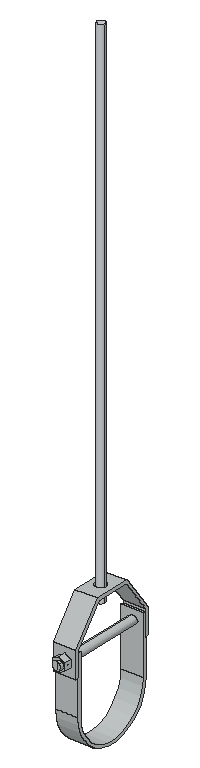
Revit family "7005E Std Duty Clevis Hanger", category Pipe Accessories, Revit 2020
Family settings
  Round Connector Dimension = Use Diameter
  Part Type = Normal
  OmniClass Number = 23.60.30.11.17
  OmniClass Title = Pipework/Ductwork Mechanical Fasteners/Supports
  Work Plane-Based = No
  Always vertical = Yes
  Cut with Voids When Loaded = No
  Shared = No
Parameters
  smallersize [instance] = Nominal Diameter < 1.350"  # no
  nut1_dia [instance] = size_lookup("nut_hex_US", "nut_dia", 1.500", D3)  # 0.5625"
  bolt rad [instance] = if(Nominal Diameter > 18.000", 0.500", nut1_dia / 3)  # 0.1875"
  Weight [instance] = size_lookup(LookupTable, "Weight", "NA", Nominal Diameter)  # "0.71 lbs."
  Product ID [instance] = size_lookup(LookupTable, "ProductID", "NA", Nominal Diameter)  # "3859970"
  Part Number [instance] = size_lookup(LookupTable, "PartNumber", "NA", Nominal Diameter)  # "FNW7005EP0300"
  LookupTable [instance] = "7005E Std Duty Clevis Hanger"  # constant formula
  fillet [instance] = D3 + Y2  # 0.500"
  Z1 [instance] = size_lookup(LookupTable, "Z1", 0.000", Nominal Diameter)  # 1.5625"
  Z4 [instance] = size_lookup(LookupTable, "Z4", 0.000", Nominal Diameter)  # 4.14286"
  Z3 [instance] = size_lookup(LookupTable, "Z3", 0.000", Nominal Diameter)  # 2.6875"
  Z2 [instance] = size_lookup(LookupTable, "Z2", 0.000", Nominal Diameter)  # 2.125"
  Z5 [instance] = size_lookup(LookupTable, "Z5", 0.000", Nominal Diameter)  # 2.5625"
  Y1 [instance] = size_lookup(LookupTable, "Y1", 0.000", Nominal Diameter)  # 1.3646"
  Y2 [instance] = size_lookup(LookupTable, "Y2", 0.000", Nominal Diameter)  # 0.125"
  nut1_height [instance] = size_lookup("nut_hex_US", "nut_height", 1.000", D3)  # 0.32813"
  W1 [instance] = size_lookup(LookupTable, "W1", 0.000", Nominal Diameter)  # 1.000"
  URL = "http://fnw.com"
  Nominal Diameter [instance] = 3.000"
  Manufacturer = "FNW"  # constant formula
  HPH_Anchor Elevation [instance] = 22.96493"
  Description BOM [instance] = size_lookup(LookupTable, "Description_BOM", "NA", Nominal Diameter)  # "3 7005E Std Duty Clevis Hanger"
  Default Elevation = 0.000"
  D3 [instance] = size_lookup(LookupTable, "D3", 0.000", Nominal Diameter)  # 0.375"
  D2 [instance] = size_lookup(LookupTable, "D2", 0.000", Nominal Diameter)  # 0.500"
  D1 [instance] = size_lookup(LookupTable, "D1", 0.000", Nominal Diameter)  # 3.500"
  bolt_length [instance] = D1 + (Y2 * 4) + nut1_height + 0.125"  # 4.45313"
  biggersize [instance] = Nominal Diameter > 1.350"  # yes
  120 = 120.00°
Reference planes (in)
  plane 1 "Center (Front/Back)": y = 0
  plane 2: z = 0
  plane 3 "Center (Left/Right)": x = 0
  plane 4: z = 2.125
  plane 5: z = 4.14286
  plane 6: z = 2.6875
  plane 7: z = 1.5625
  plane 8: y = 0.6823
  plane 9: y = -0.6823
  plane 10: y = -1.75
  plane 11: y = 1.75
  plane 12: y = -1.875
  plane 13: y = 1.875
  plane 14: y = 2
  plane 15: y = -2
  plane 16: y = -2.32813
  plane 17: y = 2.32812
  plane 18: z = 1.8
  plane 19: x = -0.5
  plane 20: x = 0.5
  plane 21: y = -2.45313
  plane 22: z = 4.26786
  plane 23 "Level Above": z = 26.57869
Forms (in)
  Sweep 1, solid, material "Steel, Galvanized"
    path origin (0, 0, 0) x (0, 1, 0) y (0, 0, 1)
      loop
        line (1.75, 2.5625) -> (1.75, 0)
        arc (1.75, 0) -> (0, -1.75) -> (-1.75, 0) r 1.75
        line (-1.75, 0) -> (-1.75, 2.5625)
    profile origin (0, 1.75, 1.28125) x (1, 0, 0) y (0, 1, 0)
      loop
        line (-0.5, 0.125) -> (-0.5, 0) -> (0.5, 0) -> (0.5, 0.125) -> (-0.5, 0.125)
  Extrusion 2, void
    sketch origin (0, 0, 0) x (1, 0, 0) y (0, 1, 0)
      loop
        circle (0, 0) r 0.25
    from 4.14286 to 4.26786
  Extrusion 3, solid, material "Steel, Galvanized", visible <- "smallersize"
    sketch origin (0, 0, 0) x (0, 1, 0) y (0, 0, 1)
      loop
        line (-1.875, 1.5625) -> (-1.875, 3.76786)
        arc (-1.875, 3.76786) -> (-1.76517, 4.03303) -> (-1.5, 4.14286) r 0.375
        line (-1.5, 4.14286) -> (1.5, 4.14286)
        arc (1.5, 4.14286) -> (1.76517, 4.03303) -> (1.875, 3.76786) r 0.375
        line (1.875, 3.76786) -> (1.875, 1.5625) -> (2, 1.5625) -> (2, 3.76786)
        arc (2, 3.76786) -> (1.85355, 4.12141) -> (1.5, 4.26786) r 0.5
        line (1.5, 4.26786) -> (-1.5, 4.26786)
        arc (-1.5, 4.26786) -> (-1.85355, 4.12141) -> (-2, 3.76786) r 0.5
        line (-2, 3.76786) -> (-2, 1.5625) -> (-1.875, 1.5625)
    from -0.5 to 0.5
  Extrusion 4, solid, material "Steel, Galvanized", visible <- "biggersize"
    sketch origin (0, 0, 0) x (0, 1, 0) y (0, 0, 1)
      loop
        line (-2, 2.6875) -> (-2, 1.5625) -> (-1.875, 1.5625) -> (-1.875, 2.64581) -> (-0.75141, 4.14286) -> (0.73225, 4.14286) -> (1.875, 2.66126) -> (1.875, 1.5625) -> (2, 1.5625) -> (2, 2.6875) -> (0.81389, 4.26786) -> (-0.81389, 4.26786) -> (-2, 2.6875)
    from -0.5 to 0.5
  Revolve 5, solid, material "Steel, Galvanized"
    sketch origin (0, 0, 0) x (0, 1, 0) y (0, 0, 1)
      loop
        line (-2.45313, 2.125) -> (2, 2.125) -> (2, 2.3125) -> (-2.45313, 2.3125) -> (-2.45313, 2.125)
      axis (2, 2.125) -> (-2.45313, 2.125)
    angle from 0 to 360
  Extrusion 6, solid
    sketch origin (0, 0, 0) x (1, 0, 0) y (0, 1, 0)
      loop
        circle (0, 0) r 0.16168
    from 3.61376 to 26.57869
Cuts and joins
  Extrusion 2 cuts Extrusion 3
  Extrusion 2 cuts Extrusion 4
Lines and regions (in)
  model lines, style "center"
    curve 1: line (0, 0, 4.14286) -> (0, 0, 0)
    curve 2: line (0, 1.75, 0) -> (0, -1.75, 0)
  reference lines
    curve 3: line (0, -2.58345, 3.61376) -> (0, 2.70751, 3.61376)
Dimensions and locks (in)
  equal spacing: Sweep 1 sketch curve, plane 1 "Center (Front/Back)", Sweep 1 sketch curve
  "D1": Sweep 1 sketch curve to Sweep 1 sketch curve
  "Z5": Sweep 1 sketch curve to level  (x2)
  equal spacing: Sweep 1 sketch curve, profile plane, Sweep 1 sketch curve
  "W1": Sweep 1 sketch curve to Sweep 1 sketch curve
  "Y2": Sweep 1 sketch curve to Sweep 1 sketch curve
  "Z4": plane 5 to plane 2
  "Z3": plane 6 to plane 2
  "Z1": plane 7 to plane 2
  equal spacing: plane 9, plane 1 "Center (Front/Back)", plane 8
  "Y1": plane 9 to plane 8
  equal spacing: plane 10, plane 1 "Center (Front/Back)", plane 11
  "D1": plane 10 to plane 11
  "Y2": plane 12 to plane 10
  "Y2": plane 11 to plane 13
  "Y2": plane 15 to plane 12
  "Y2": plane 13 to plane 14
  "nut1_height": plane 14 to plane 17
  "nut1_height": plane 16 to plane 15
  "Z2": plane 4 to plane 2
  "Y2": Extrusion 3 sketch curve to plane 5
  equal spacing: plane 19, plane 3 "Center (Left/Right)", plane 20
  "W1": plane 19 to plane 20
  "bolt_length": plane 14 to plane 21
  "Y2": plane 22 to plane 5
  "Y2": Extrusion 4 sketch curve to Extrusion 4 sketch curve
  "Y2": plane 13 to Extrusion 4 sketch curve
  "Y2": Extrusion 4 sketch curve to plane 12
  "bolt rad": Revolve 5 sketch curve to plane 4
  "HPH_Anchor Elevation": Extrusion 6 to Extrusion 6
  "D1": diameter of Sweep 1 sketch curve
  "D2": diameter of Extrusion 2 sketch curve
  "D3": radius of Extrusion 3 sketch curve  (x2)
  "fillet": radius of Extrusion 3 sketch curve  (x2)
  aligned and locked: plane 2 to level
  aligned and locked: Sweep 1 sketch curve to profile plane
  aligned and locked: plane 7 to Extrusion 3 sketch curve
  aligned and locked: Extrusion 3 sketch curve to plane 7
  aligned and locked: plane 14 to Extrusion 3 sketch curve
  aligned and locked: Extrusion 3 sketch curve to plane 13
  aligned and locked: plane 12 to Extrusion 3 sketch curve
  aligned and locked: Extrusion 3 sketch curve to plane 5
  aligned and locked: plane 19 to Extrusion 3
  aligned and locked: Extrusion 3 to plane 20
  aligned and locked: Extrusion 2 to plane 5
  aligned and locked: plane 22 to Extrusion 2
  aligned and locked: plane 12 to Extrusion 4 sketch curve
  aligned and locked: Extrusion 4 sketch curve to plane 13
  aligned and locked: cut or joined group of Extrusion 2, Extrusion 4 to plane 20
  aligned and locked: plane 19 to cut or joined group of Extrusion 2, Extrusion 4
  aligned and locked: plane 4 to Revolve 5 sketch curve  (x2)
  aligned and locked: cut or joined group of Extrusion 2, Extrusion 4 to plane 7  (x2)
  aligned and locked: Revolve 5 sketch curve to plane 14
  aligned and locked: plane 21 to Revolve 5 sketch curve
  aligned and locked: nested 2 to plane 15
Automatic sketch dimensions
  curve 2 to plane 3 "Center (Left/Right)" = 0.000"
  plane 10 to curve 2 = 0.000"
  curve 2 to plane 11 = 0.000"
  curve 1 to level = 0.000"
  curve 1 to plane 1 "Center (Front/Back)" = 0.000"
  curve 1 to plane 5 = 0.000"
  plane 1 "Center (Front/Back)" to Extrusion 6 sketch curve = 0.000"
  Extrusion 6 sketch curve to plane 3 "Center (Left/Right)" = 0.000"
  plane 21 to curve 3 = 0.13032"
  curve 3 to plane 5 = 0.5291"
  plane 17 to curve 3 = 0.37939"
  Sweep 1 sketch curve to level = 0.000"
  plane 1 "Center (Front/Back)" to Extrusion 2 sketch curve = 0.000"
  Extrusion 2 sketch curve to plane 3 "Center (Left/Right)" = 0.000"
  Extrusion 3 sketch curve to Extrusion 3 sketch curve = 0.000"
  Extrusion 4 sketch curve to plane 22 = 0.000"
  Extrusion 4 sketch curve to plane 5 = 0.000"
  Extrusion 4 sketch curve to plane 7 = 0.000"  (x2)
  Extrusion 4 sketch curve to plane 6 = 0.000"  (x2)
  Extrusion 4 sketch curve to plane 9 = 0.13159"
  Extrusion 4 sketch curve to plane 8 = 0.04995"
  Extrusion 4 sketch curve to plane 8 = 0.13159"
  Extrusion 4 sketch curve to plane 6 = 0.02624"
  Revolve 5 sketch curve to plane 15 = 0.03399"
  plane 17 to Revolve 5 sketch curve = 0.16471"
  radius of Extrusion 6 sketch curve = 0.16168"
Nested families (in)
  nested 1: "nest hex nut" at (-0.15598, 2, 2.23182) x (0, 0, 1) z (0, 1, 0), BHX1 <- "nut1_height", SCD3 <- "nut1_dia", type "nest hex nut"
    with Weight "", SCR3 0.28125", SCD3 0.5625", Product ID "", Part Number "", Nominal Diameter 1/2", Description BOM "", Center of Hex 12.000", BHX1 0.32813"
  nested 2: "nest hex nut" at (0, -2.32813, 2.12306) x (0, 0, 1) z (0, 1, 0), BHX1 <- "nut1_height", SCD3 <- "nut1_dia", type "nest hex nut"
    with Weight "", SCR3 0.28125", SCD3 0.5625", Product ID "", Part Number "", Nominal Diameter 1/2", Description BOM "", Center of Hex 12.000", BHX1 0.32813"
Definition of nested family "nest hex nut"
  Parameters (values of type "nest hex nut")
    Weight [instance] = ""
    URL = "http://www.fnw.com"
    Standards Lookup Table = "Standards"  # constant formula
    SCR3 [instance] = SCD3 / 2  # 0.500"
    SCD3 [instance] = 1.000"
    Product ID [instance] = ""
    Part Number [instance] = ""
    Nominal Diameter [instance] = 1/2"
    LookupTable = ""
    Description BOM [instance] = ""
    Default Elevation = 48.000"
    Center of Hex [instance] = 12.000"
    BHX1 [instance] = 0.70262"
    120 = 120.00°
  Reference planes (in)
    plane 1 "Center (Front/Back)": y = 0
    plane 2: z = 0
    plane 3 "Center (Left/Right)": x = 0
    plane 4: z = 0.70262
    plane 5: x = 0
  Forms (in)
    Extrusion 1, solid
      sketch origin (-12, 0, 0) x (1, 0, 0) y (0, 1, 0)
        loop
          line (12.57735, 0) -> (12.28868, 0.5) -> (11.71132, 0.5) -> (11.42265, 0) -> (11.71132, -0.5) -> (12.28868, -0.5) -> (12.57735, 0)
      from 0 to 0.70262
  Dimensions and locks (in)
    "BHX1": plane 4 to plane 2
    equal spacing: Extrusion 1 sketch curve, plane 5, Extrusion 1 sketch curve  (x2)
    equal spacing: Extrusion 1 sketch curve, plane 1 "Center (Front/Back)", Extrusion 1 sketch curve
    "SCD3": Extrusion 1 sketch curve to Extrusion 1 sketch curve  (x3)
    "120": angle Extrusion 1 sketch curve to Extrusion 1 sketch curve  (x5)
    aligned and locked: plane 2 to level
    aligned and locked: Extrusion 1 to plane 4
    aligned and locked: Extrusion 1 to plane 2
